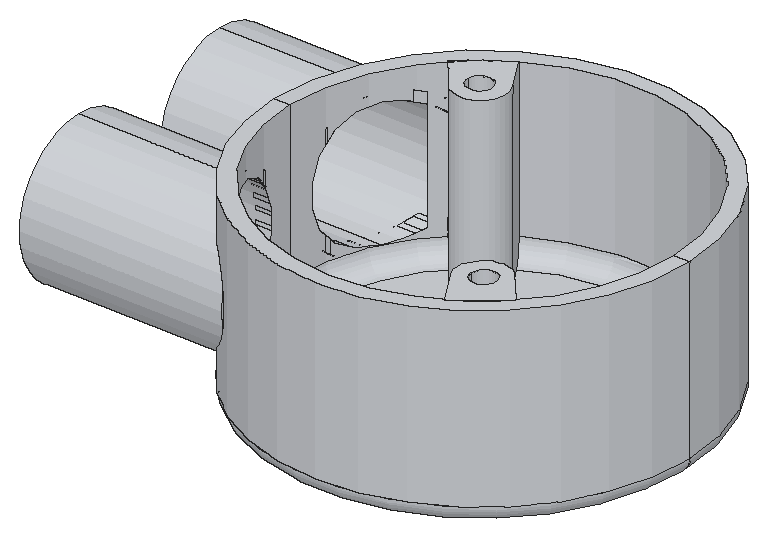
Revit family "PB6W", category Generic Models, Revit 2017
Family settings
  Can host rebar = No
  Round Connector Dimension = Use Diameter
  Part Type = Normal
  Work Plane-Based = Yes
  Always vertical = No
  Cut with Voids When Loaded = No
  Shared = No
  Room Calculation Point = No
Parameters (values of type "NBS Standard Parameters")
  Weight = "0.054Kg"
  WarrantyStartDate [instance] = "1900-12-31T23:59:59"
  WarrantyGuarantorParts = "n/a"
  WarrantyGuarantorLabor = "n/a"
  WarrantyDurationUnit = "1 year"
  WarrantyDurationParts = "n/a"
  WarrantyDurationLabor = "n/a"
  WarrantyDescription = "n/a"
  Version = "1"
  Uniclass2 = "Pr_65_70_11_20"
  TagNumber [instance] = "n/a"
  SustainabilityPerformance = "n/a"
  Size = "20mm"
  Shape = "Circular"
  SerialNumber [instance] = "n/a"
  Revision = "n/a"
  ReplacementCost = "n/a"
  ProductInformation = "www.metpro.co.uk/pdf/pb6w.pdf"
  NominalWidth = 66 mm
  NominalLength = 66 mm
  NominalHeight = 30 mm
  Name = ""
  NBSTypeID = ""
  NBSReference = "90-55-10/460"
  NBSOfficeMasterTag = ""
  NBSNote = ""
  NBSDescription = "Conduit Fittings"
  NBSCertification = ""
  ModelReference = "PB6W"
  ModelNumber = "n/a"
  Material = "PVC"
  ManufacturerURL = "www.metpro.co.uk"
  ManufacturerName = "Metpro Ltd"
  Keynote = "Manufactured to BS4607 Part 1"
  InstallationDate [instance] = "1900-12-31T23:59:59"
  IfcExportType = ""
  IfcExportAs = ""
  Grade = "n/a"
  Finish = "white"
  Features = "n/a"
  ExpectedLife = "n/a"
  DurationUnit = "year"
  Description = "PB6W - 20mm U PVC Conduit Box"
  Default Elevation = 1219.2 mm
  Constituents = "n/a"
  Color = "n/a"
  CodePerformance = "n/a"
  Category = "n/a"
  BarCode [instance] = "n/a"
  BIMObjectName = "Metpro_metprolibrary_conduitfittings_PVC component_Circularjunctionbox"
  Author = "Metpro Ltd"
  AssetType = ""
  AssetIdentifier [instance] = "n/a"
  AccessibilityPerformance = "n/a"
Reference planes
  plane 1 "Center (Front/Back)": y = 0
  plane 2: z = 0
  plane 3 "Center (Left/Right)": x = 0
Forms (mm)
  Revolve 1, solid
    sketch origin (0, 717.092, -428.916) x (1, 0, 0) y (0, 0, 1)
      loop
        line (-32.5, 40) -> (-32.5, 12.5)
        arc (-32.5, 12.5) -> (-31.768, 10.732) -> (-30, 10) r 2.5
        line (-30, 10) -> (0, 10) -> (0, 12.541) -> (-27, 12.541)
        arc (-27, 12.541) -> (-29.121, 13.42) -> (-30, 15.541) r 3
        line (-30, 15.541) -> (-30, 40) -> (-32.5, 40)
      axis (0, 10) -> (0, 40)
    angle from 0 to 360
  Extrusion 2, void
    sketch origin (0, 717.092, -428.916) x (0, 0, 1) y (0, -1, 0)
      loop
        circle (25.613, 13.75) r 10
      loop
        circle (25.613, -13.75) r 10
    from -52 to -23.403
  Extrusion 3, solid
    sketch origin (0, 717.092, -428.916) x (0, 0, 1) y (0, -1, 0)
      loop
        circle (25.613, 13.75) r 10
      loop
        circle (25.613, -13.75) r 10
      loop
        circle (25.613, -13.75) r 11.5
      loop
        circle (25.613, 13.75) r 11.5
    from -20.38 to -52
  Extrusion 4, solid
    sketch origin (0, 717.092, -388.916) x (0, 1, 0) y (-1, 0, 0)
      loop
        arc (-15.277, -17.303) -> (-15.749, -12.281) -> (-20.76, -11.714) r 4
        line (-20.76, -11.714) -> (-25.958, -15.04)
        arc (-25.958, -15.04) -> (-23.533, -18.606) -> (-20.622, -21.788) r 30
        line (-20.622, -21.788) -> (-15.277, -17.303)
      loop
        circle (-18.691, -15.253) r 1.939
      loop
        arc (15.277, 17.303) -> (15.749, 12.281) -> (20.76, 11.714) r 4
        line (20.76, 11.714) -> (25.958, 15.04)
        arc (25.958, 15.04) -> (23.533, 18.606) -> (20.622, 21.788) r 30
        line (20.622, 21.788) -> (15.277, 17.303)
      loop
        circle (18.691, 15.253) r 1.939
    from 0 to -28
  Extrusion 5, void
    sketch origin (0, 717.092, -388.916) x (-1, 0, 0) y (0, 1, 0)
      loop
        arc (19.601, -22.712) -> (27.277, -12.49) -> (30, 0) r 30
        arc (30, 0) -> (27.872, 11.099) -> (21.788, 20.622) r 30
        line (21.788, 20.622) -> (19.601, 18.015) -> (19.601, -22.712)
    from 0 to 32.005
Cuts and joins
  Extrusion 2 cuts Revolve 1
  Extrusion 2, Extrusion 5 cuts Extrusion 3
  Extrusion 2, Extrusion 5 cuts Extrusion 4
Dimensions and locks
  aligned and locked: level to plane 2
  aligned and locked: cut or joined group of Extrusion 2, Extrusion 3, Extrusion 5 to Extrusion 2
